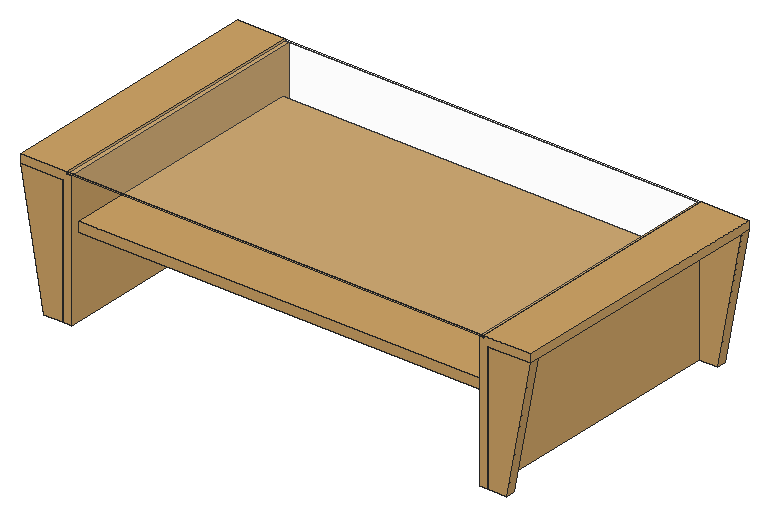
Revit family
Parameters (values of type "TT2700C 03 (1500*800*400)")
  Manufacturer = "BORNEO"
  Model = "TT2700C"
  Width = 1500 mm
  upper face material = teak length weak
  middle material = teak width weak
  leg material = teak length weak
  Height = 400 mm
  glass material = white glass
  Depth = 800 mm
  Assembly Code = ""
Reference planes
  plane 1 "중심(앞/뒤)": y = 15
  plane 2: z = 0
  plane 3 "중심(왼쪽/오른쪽)": x = 0
  plane 4: y = 415
  plane 5: y = -385
  plane 6: x = -750
  plane 7: x = 750
  plane 8: z = 400
  plane 9: y = -360
  plane 10: y = 390
  plane 11: z = 265
  plane 12: z = 235
  plane 13: y = 15
  plane 14: y = -15
  plane 15: x = -600
  plane 16: x = 600
Forms (mm)
  Extrusion 1, solid, material "teak length weak" <- "upper face material"
    sketch origin (0, 15, 0) x (1, 0, 0) y (0, 0, 1)
      loop
        line (-750, 400) -> (-750, 375) -> (-625, 375) -> (-625, 0) -> (-600, 0) -> (-600, 394.719) -> (-612.5, 394.719) -> (-612.5, 400) -> (-750, 400)
      loop
        line (750, 400) -> (612.5, 400) -> (612.5, 394.719) -> (600, 394.719) -> (600, 0) -> (625, 0) -> (625, 375) -> (750, 375) -> (750, 400)
    from -400 to 400
  Extrusion 2, solid, material "teak length weak" <- "leg material"
    sketch origin (0, 15, 0) x (1, 0, 0) y (0, 0, 1)
      loop
        line (-750, 375) -> (-680, 0) -> (-625, 0) -> (-625, 375) -> (-750, 375)
      loop
        line (750, 375) -> (625, 375) -> (625, 0) -> (680, 0) -> (750, 375)
    from 400 to 375
  Extrusion 3, solid, material "white glass" <- "glass material"
    sketch origin (0, 0, 0) x (1, 0, 0) y (0, 1, 0)
      loop
        line (-612.5, 415) -> (-612.5, -385) -> (612.5, -385) -> (612.5, 415) -> (-612.5, 415)
    from 394.719 to 400
  Extrusion 4, solid, material "teak width weak" <- "middle material"
    sketch origin (0, 0, 0) x (0, 1, 0) y (0, 0, 1)
      loop
        line (390, 265) -> (-360, 265) -> (-360, 235) -> (-15, 235) -> (-15, 0) -> (15, 0) -> (15, 235) -> (390, 235) -> (390, 265)
    from -600 to 600
  Extrusion 5, solid, material "teak length weak" <- "leg material"
    sketch origin (0, 0, 0) x (1, 0, 0) y (0, 0, -1)
      loop
        line (-750, -375) -> (-625, -375) -> (-625, 0) -> (-680, 0) -> (-750, -375)
      loop
        line (750, -375) -> (680, 0) -> (625, 0) -> (625, -375) -> (750, -375)
    from 415 to 390
Dimensions and locks
  "Depth": plane 5 to plane 4
  "Width": plane 6 to plane 7
  "Height": plane 8 to level
  equal spacing: plane 6, plane 3 "중심(왼쪽/오른쪽)", plane 7
  equal spacing: plane 5, plane 1 "중심(앞/뒤)", plane 4
  locked: plane 6 to plane 15 at 150
  locked: plane 16 to plane 7 at 150
  locked: plane 10 to plane 4 at 25
  locked: plane 5 to plane 9 at 25
  aligned and locked: Extrusion 4 to Extrusion 1  (x2)
  aligned and locked: Extrusion 5 to Extrusion 1  (x2)
  aligned and locked: Extrusion 2 to Extrusion 1
  aligned and locked: plane 5 to Extrusion 3
  aligned and locked: plane 4 to Extrusion 3
  aligned and locked: Extrusion 1 to Extrusion 3  (x9)
  aligned and locked: plane 15 to Extrusion 1
  aligned and locked: plane 16 to Extrusion 1
  aligned and locked: Extrusion 1 to Extrusion 4  (x22)
  aligned and locked: plane 6 to Extrusion 1  (x2)
  aligned and locked: plane 7 to Extrusion 1  (x2)
  aligned and locked: plane 4 to Extrusion 1
  aligned and locked: Extrusion 3 to Extrusion 1  (x3)
  aligned and locked: plane 11 to Extrusion 4  (x2)
  aligned and locked: Extrusion 4 to plane 12  (x2)
  aligned and locked: plane 9 to Extrusion 4
  aligned and locked: plane 10 to Extrusion 4
  aligned and locked: Extrusion 4 to Extrusion 5  (x5)
  aligned and locked: Extrusion 4 to Extrusion 2  (x5)
  aligned and locked: plane 10 to Extrusion 5
  aligned and locked: plane 9 to Extrusion 2
  aligned and locked: plane 14 to Extrusion 4
  aligned and locked: plane 13 to Extrusion 4
  aligned and locked: plane 1 "중심(앞/뒤)" to Extrusion 4
  aligned and locked: Extrusion 2 to Extrusion 3
  aligned and locked: plane 5 to Extrusion 1
  aligned and locked: Extrusion 5 to Extrusion 3
Automatic sketch dimensions
  Extrusion 1 sketch curve to plane 6 = 0 mm
  Extrusion 1 sketch curve to level = 0 mm  (x2)
  Extrusion 1 sketch curve to plane 8 = 0 mm  (x2)
  Extrusion 1 sketch curve to plane 15 = 0 mm
  Extrusion 1 sketch curve to plane 16 = 0 mm
  Extrusion 1 sketch curve to plane 7 = 0 mm
  plane 15 to Extrusion 1 sketch curve = 25 mm
  plane 15 to Extrusion 1 sketch curve = 12.5 mm
  plane 8 to Extrusion 1 sketch curve = 5.281 mm  (x2)
  Extrusion 1 sketch curve to plane 16 = 12.5 mm
  Extrusion 1 sketch curve to Extrusion 1 sketch curve = 12.5 mm
  Extrusion 1 sketch curve to Extrusion 1 sketch curve = 25 mm
  plane 8 to Extrusion 1 sketch curve = 25 mm
  Extrusion 3 sketch curve to plane 5 = 0 mm
  Extrusion 3 sketch curve to plane 4 = 0 mm
  plane 15 to Extrusion 3 sketch curve = 12.5 mm
  Extrusion 3 sketch curve to plane 16 = 12.5 mm
  Extrusion 4 sketch curve to plane 9 = 0 mm
  Extrusion 4 sketch curve to plane 12 = 0 mm  (x2)
  Extrusion 4 sketch curve to plane 14 = 0 mm
  Extrusion 4 sketch curve to level = 0 mm
  Extrusion 4 sketch curve to plane 13 = 0 mm
  Extrusion 4 sketch curve to plane 10 = 0 mm
  Extrusion 4 sketch curve to plane 11 = 0 mm
  Extrusion 2 sketch curve to plane 6 = 0 mm
  Extrusion 2 sketch curve to level = 0 mm  (x2)
  Extrusion 2 sketch curve to plane 6 = 70 mm
  plane 15 to Extrusion 2 sketch curve = 25 mm
  plane 8 to Extrusion 2 sketch curve = 25 mm  (x2)
  Extrusion 2 sketch curve to plane 7 = 0 mm
  Extrusion 2 sketch curve to plane 16 = 25 mm
  Extrusion 2 sketch curve to Extrusion 2 sketch curve = 55 mm
  Extrusion 5 sketch curve to plane 6 = 0 mm
  Extrusion 5 sketch curve to level = 0 mm  (x2)
  Extrusion 5 sketch curve to plane 7 = 0 mm
  Extrusion 5 sketch curve to plane 6 = 70 mm
  plane 15 to Extrusion 5 sketch curve = 25 mm
  Extrusion 5 sketch curve to plane 16 = 25 mm
  Extrusion 5 sketch curve to Extrusion 5 sketch curve = 55 mm
  plane 8 to Extrusion 5 sketch curve = 25 mm  (x2)
